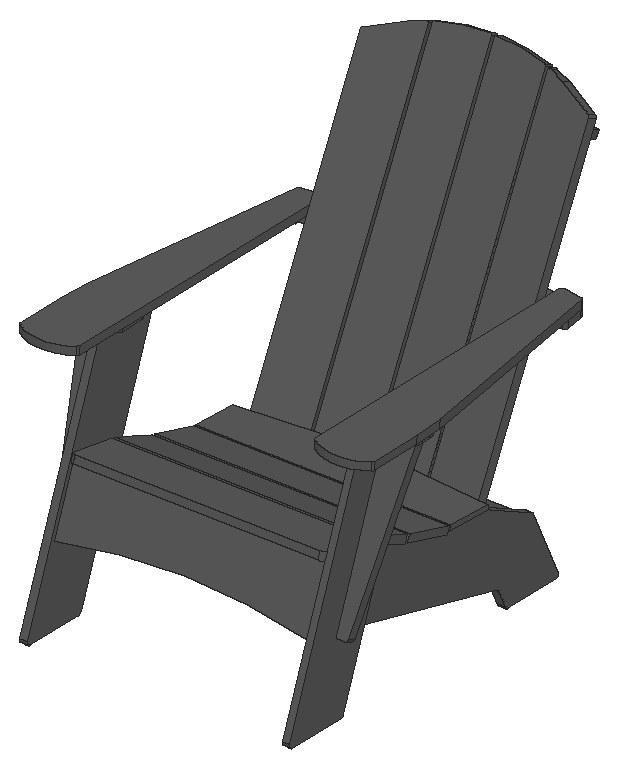
Revit family "Lollygagger Adirondack 4 Slat Curve", category Furniture, Revit 2016 (continued)
Lines and regions (in)
  symbolic lines, style "Furniture", detail levels medium+fine
    curve 32: spline (0, 9.88478, 17.33657) -> (0, 9.86945, 17.34332) -> (0, 9.8608, 17.36344) -> (0, 9.85896, 17.39659) -> (0, 9.86397, 17.4422) -> (0, 9.87574, 17.4995) -> (0, 9.89407, 17.5675) -> (0, 9.91865, 17.64504) -> (0, 9.94906, 17.73079) -> (0, 9.98477, 17.82329) -> (0, 10.02518, 17.92095) -> (0, 10.06959, 18.0221) -> (0, 10.11725, 18.12501)
    curve 33: line (0, 10.11725, 18.12501) -> (0, 10.45116, 18.82812)
    curve 34: line (0, 10.8973, 18.82812) -> (0, 10.5634, 18.12501)
    curve 35: spline (0, 10.5634, 18.12501) -> (0, 10.51331, 18.0221) -> (0, 10.46165, 17.92095) -> (0, 10.40931, 17.82329) -> (0, 10.35717, 17.73079) -> (0, 10.30613, 17.64504) -> (0, 10.25706, 17.5675) -> (0, 10.21081, 17.4995) -> (0, 10.16816, 17.4422) -> (0, 10.12984, 17.39659) -> (0, 10.09651, 17.36344) -> (0, 10.06875, 17.34332) -> (0, 10.04702, 17.33657)
    curve 36: line (0, 10.24848, 20.07812) -> (0, 15.36479, 30.56811)
    curve 37: spline (0, 15.24914, 27.16819) -> (0, 15.24766, 27.17843) -> (0, 15.2537, 27.20387) -> (0, 15.26716, 27.24409) -> (0, 15.28782, 27.29838) -> (0, 15.31532, 27.36583) -> (0, 15.34918, 27.44527) -> (0, 15.38883, 27.53535) -> (0, 15.43359, 27.63452) -> (0, 15.4827, 27.7411) -> (0, 15.53532, 27.85325) -> (0, 15.59053, 27.96906) -> (0, 15.64741, 28.08654)
    curve 38: line (0, 15.64741, 28.08654) -> (0, 15.89399, 28.59211)
    curve 39: spline (0, 15.51534, 27.72979) -> (0, 15.53312, 27.76581) -> (0, 15.55022, 27.79937) -> (0, 15.56546, 27.82819) -> (0, 15.57781, 27.8503) -> (0, 15.58643, 27.8642) -> (0, 15.59072, 27.86894) -> (0, 15.5904, 27.8642) -> (0, 15.58549, 27.8503) -> (0, 15.57632, 27.82819) -> (0, 15.56352, 27.79937) -> (0, 15.54796, 27.76581) -> (0, 15.5307, 27.72979)
    curve 40: spline (0, 15.51534, 27.72979) -> (0, 15.49808, 27.69377) -> (0, 15.48251, 27.66021) -> (0, 15.46971, 27.63139) -> (0, 15.46055, 27.60928) -> (0, 15.45564, 27.59538) -> (0, 15.45532, 27.59064) -> (0, 15.45961, 27.59538) -> (0, 15.46823, 27.60928) -> (0, 15.48058, 27.63139) -> (0, 15.49582, 27.66021) -> (0, 15.51292, 27.69377) -> (0, 15.5307, 27.72979)
    curve 41: spline (0, 15.09156, 27.77053) -> (0, 15.08733, 27.77526) -> (0, 15.08789, 27.78913) -> (0, 15.09319, 27.81121) -> (0, 15.10288, 27.83997) -> (0, 15.11629, 27.87347) -> (0, 15.13251, 27.90941) -> (0, 15.15043, 27.94536) -> (0, 15.16884, 27.97886) -> (0, 15.18647, 28.00762) -> (0, 15.20213, 28.02969) -> (0, 15.21475, 28.04357) -> (0, 15.22347, 28.0483)
    curve 42: spline (0, 15.22347, 28.0483) -> (0, 15.22769, 28.04357) -> (0, 15.22714, 28.02969) -> (0, 15.22183, 28.00762) -> (0, 15.21215, 27.97886) -> (0, 15.19874, 27.94536) -> (0, 15.18252, 27.90941) -> (0, 15.1646, 27.87347) -> (0, 15.14619, 27.83997) -> (0, 15.12856, 27.81121) -> (0, 15.1129, 27.78913) -> (0, 15.10028, 27.77526) -> (0, 15.09156, 27.77053)
    curve 43: spline (0, 15.45282, 28.18145) -> (0, 15.33489, 27.95101) -> (0, 15.21603, 27.74064) -> (0, 15.10436, 27.56467) -> (0, 15.00749, 27.43511) -> (0, 14.932, 27.36078) -> (0, 14.88306, 27.34674) -> (0, 14.86399, 27.39395) -> (0, 14.87609, 27.49919) -> (0, 14.91855, 27.6553) -> (0, 14.98846, 27.85163) -> (0, 15.08106, 28.07481) -> (0, 15.19004, 28.30962)
    curve 44: line (0, 15.19004, 28.30962) -> (0, 15.43662, 28.81519)
    curve 45: line (0, 15.69941, 28.68702) -> (0, 15.45282, 28.18145)
    curve 46: line (0, 4.14647, 7.56716) -> (0, 9.63881, 18.82812)
    curve 47: line (0, 3.59076, 7.8382) -> (0, 3.8276, 8.32379)
  symbolic lines, style "Furniture", detail levels fine
    curve 2: line (-4.79074, 4.05641, 0) -> (-4.79074, 17.1805, 0)
    curve 3: line (-4.58775, 4.05605, 0) -> (-4.58775, 17.1805, 0)
    curve 4: line (-0.12678, 4.26892, 0) -> (-0.12678, 17.36775, 0)
    curve 5: line (0.12678, 4.26892, 0) -> (0.12678, 17.36685, 0)
    curve 6: line (4.58775, 4.05605, 0) -> (4.58775, 17.1805, 0)
    curve 7: line (4.79074, 4.05435, 0) -> (4.79074, 17.1805, 0)
    curve 8: line (0.32366, -0.4646, 0) -> (-0.32366, -0.4646, 0)
    curve 9: line (0.32366, -0.67857, 0) -> (-0.32366, -0.67857, 0)
    curve 10: line (0.32366, -4.77326, 0) -> (-0.32366, -4.77326, 0)
    curve 11: line (0.32366, -4.86034, 0) -> (-0.32366, -4.86034, 0)
    curve 12: line (0.32366, -8.88668, 0) -> (-0.32366, -8.88668, 0)
    curve 13: line (0.32366, -9.0007, 0) -> (-0.32366, -9.0007, 0)
    curve 14: line (-10.26116, -14.73754, 0) -> (-10.26116, -13.68383, 0)
    curve 15: line (10.26116, -14.73754, 0) -> (10.26116, -13.73754, 0)
  symbolic lines
    curve 16: line (9.27193, 0, 19.45312) -> (13.7073, 0, 19.45312)
    curve 17: line (-9.50334, 0, 19.45313) -> (-13.7073, 0, 19.45313)
    curve 18: line (10.23884, 0, 12.04562) -> (10.23884, 0, 0)
    curve 19: line (-10.26116, 0, 12.04562) -> (-10.26116, 0, 0)
  symbolic lines, detail levels medium+fine
    curve 48: line (0, 14.88825, 30.96805) -> (0, 15.44396, 30.69701)
    curve 49: spline (0, 16.3971, 31.69611) -> (0, 16.42833, 31.72397) -> (0, 16.45937, 31.75136) -> (0, 16.4902, 31.77829) -> (0, 16.52084, 31.80475) -> (0, 16.55128, 31.83074) -> (0, 16.58151, 31.85626) -> (0, 16.61154, 31.88132) -> (0, 16.64138, 31.9059) -> (0, 16.671, 31.93002) -> (0, 16.70043, 31.95366) -> (0, 16.72965, 31.97683) -> (0, 16.75867, 31.99953)
    curve 50: spline (0, 15.44396, 30.69701) -> (0, 15.52914, 30.79455) -> (0, 15.61332, 30.88954) -> (0, 15.69648, 30.98195) -> (0, 15.7786, 31.07179) -> (0, 15.85969, 31.15903) -> (0, 15.93971, 31.24366) -> (0, 16.01867, 31.32568) -> (0, 16.09655, 31.40507) -> (0, 16.17335, 31.48181) -> (0, 16.24905, 31.55591) -> (0, 16.32363, 31.62734) -> (0, 16.3971, 31.69611)
    curve 51: spline (0, 16.79987, 31.99668) -> (0, 16.80595, 32.00906) -> (0, 16.81202, 32.02126) -> (0, 16.81799, 32.03313) -> (0, 16.82381, 32.04453) -> (0, 16.8294, 32.05531) -> (0, 16.83468, 32.06535) -> (0, 16.83961, 32.07452) -> (0, 16.8441, 32.0827) -> (0, 16.84812, 32.08981) -> (0, 16.85162, 32.09575) -> (0, 16.85454, 32.10045) -> (0, 16.85685, 32.10385)
    curve 52: spline (0, 16.85685, 32.10385) -> (0, 16.90684, 32.17118) -> (0, 16.95397, 32.23252) -> (0, 16.99824, 32.28783) -> (0, 17.03962, 32.3371) -> (0, 17.07811, 32.3803) -> (0, 17.11367, 32.41743) -> (0, 17.14631, 32.44847) -> (0, 17.17602, 32.47341) -> (0, 17.20277, 32.49224) -> (0, 17.22656, 32.50494) -> (0, 17.24738, 32.51153) -> (0, 17.26523, 32.51199)
    curve 53: line (0, 16.20295, 32.27057) -> (0, 16.75867, 31.99953)
    curve 54: spline (0, 15.36479, 30.56811) -> (0, 15.37188, 30.5824) -> (0, 15.37911, 30.59645) -> (0, 15.38641, 30.61012) -> (0, 15.39371, 30.6233) -> (0, 15.40094, 30.63584) -> (0, 15.40802, 30.64764) -> (0, 15.4149, 30.65858) -> (0, 15.4215, 30.66855) -> (0, 15.42777, 30.67745) -> (0, 15.43364, 30.68522) -> (0, 15.43905, 30.69175) -> (0, 15.44396, 30.69701)
    curve 55: line (-9.5, -13.07994, 0) -> (-9.5, 11.37471, 0)
    curve 56: line (9.5, 11.37471, 0) -> (9.5, -13.07994, 0)
    curve 57: arc (-9.5, 11.37471, 0) -> (-9.5882, 11.56529, 0) -> (-9.79056, 11.6214, 0) r 0.25
    curve 58: arc (9.79056, 11.6214, 0) -> (9.5882, 11.56529, 0) -> (9.5, 11.37471, 0) r 0.25
    curve 59: arc (-9.59821, -13.27859, 0) -> (-9.52589, -13.19074, 0) -> (-9.5, -13.07994, 0) r 0.25
    curve 60: arc (-10.88616, -13.91614, 0) -> (-10.21136, -13.65964, 0) -> (-9.59821, -13.27859, 0) r 3.75
    curve 61: arc (9.59821, -13.27859, 0) -> (9.52589, -13.19074, 0) -> (9.5, -13.07994, 0) r 0.25
    curve 62: arc (10.88616, -13.91614, 0) -> (10.21136, -13.65964, 0) -> (9.59821, -13.27859, 0) r 3.75
Dimensions and locks (in)
  "Length": plane 5 to plane 4
  "Width": plane 6 to plane 7
  equal spacing: plane 5, plane 3 "Center Left/Right", plane 4
  locked: plane 8 to plane 4 at 3.38616
  locked: plane 5 to plane 9 at 3.36384
  "Height Arm": plane 10 to level
  "Thick": plane 10 to plane 11
  "Thick": plane 9 to plane 12
  "Thick": plane 13 to plane 8
  locked: plane 14 to plane 7 at 3.32925
  "Thick": Extrusion 4 to plane 13
  "Thick": plane 11 to plane 15
  locked: Extrusion 14 sketch curve to plane 13 at 0.28275
  "Thick": plane 12 to Extrusion 3
  locked: Extrusion 29 to Extrusion 3 at 0.625
  locked: Extrusion 28 to Extrusion 4 at 0.625
  aligned and locked: level to plane 2
  aligned and locked: Extrusion 1 sketch curve to plane 11  (x2)
  aligned and locked: level to Extrusion 1 sketch curve
  aligned and locked: Extrusion 2 to plane 8
  aligned and locked: plane 13 to Extrusion 2
  aligned and locked: Extrusion 4 to plane 13
  aligned and locked: plane 12 to Extrusion 5
  aligned and locked: plane 13 to Extrusion 5 sketch curve
  aligned and locked: plane 12 to Extrusion 6
  aligned and locked: plane 12 to Extrusion 7
  aligned and locked: plane 8 to Extrusion 9
  aligned and locked: Extrusion 10 sketch curve to plane 9
  aligned and locked: Extrusion 12 to Extrusion 3
  aligned and locked: Extrusion 25 to Extrusion 11
  aligned and locked: Extrusion 26 to Extrusion 3
  aligned and locked: Extrusion 27 to Extrusion 4
  aligned and locked: Extrusion 28 to Extrusion 4
  aligned and locked: Extrusion 29 to Extrusion 3
  aligned and locked: Extrusion 29 to Extrusion 12
  aligned and locked: Extrusion 30 to Extrusion 12
  aligned and locked: Extrusion 30 sketch curve to Extrusion 11
  aligned and locked: Extrusion 31 to Extrusion 8
  aligned and locked: Extrusion 31 to Extrusion 3
  aligned and locked: Extrusion 32 to Extrusion 4  (x2)
  aligned and locked: Extrusion 32 to Extrusion 8
  aligned and locked: Extrusion 33 to Extrusion 7  (x2)
  aligned and locked: Extrusion 33 to Extrusion 4
  aligned and locked: Extrusion 34 to Extrusion 3
  aligned and locked: Extrusion 34 to Extrusion 7
  aligned and locked: Extrusion 36 to Extrusion 6
  aligned and locked: Extrusion 36 to Extrusion 3
  aligned and locked: Extrusion 37 to Extrusion 5
  aligned and locked: Extrusion 37 to Extrusion 3
  aligned and locked: Extrusion 38 to Extrusion 5
  aligned and locked: Extrusion 35 to Extrusion 6
  aligned and locked: Extrusion 38 to Extrusion 4
  aligned and locked: Masking region 1 sketch curve to plane 10
  aligned and locked: Masking region 1 sketch curve to plane 5
  aligned and locked: Masking region 1 sketch curve to plane 11
  aligned and locked: Masking region 1 sketch curve to Extrusion 13
  aligned and locked: Masking region 1 sketch curve to plane 15
  aligned and locked: Masking region 1 sketch curve to Extrusion 10  (x2)
  aligned and locked: Masking region 1 sketch curve to plane 9
  aligned and locked: Masking region 1 sketch curve to plane 2
  aligned and locked: Masking region 1 sketch curve to Extrusion 3
  aligned and locked: Extrusion 12 to Masking region 1 sketch curve
  aligned and locked: Masking region 1 sketch curve to Extrusion 11
  aligned and locked: Masking region 1 to plane 8
  aligned and locked: Extrusion 14 to plane 15
  aligned and locked: Extrusion 13 to plane 15
  aligned and locked: Extrusion 24 to Masking region 1 sketch curve
  aligned and locked: Masking region 1 sketch curve to Extrusion 24  (x2)
  aligned and locked: plane 11 to Extrusion 24
  aligned and locked: Masking region 1 sketch curve to plane 13
  aligned and locked: curve 18 to Extrusion 4
  aligned and locked: Masking region 2 to plane 14
  aligned and locked: plane 10 to Masking region 2
  aligned and locked: Masking region 2 sketch curve to Extrusion 23  (x4)
  aligned and locked: plane 15 to Masking region 2 sketch curve
  aligned and locked: Masking region 2 sketch curve to Extrusion 16
  aligned and locked: Masking region 2 sketch curve to Extrusion 15
  aligned and locked: plane 2 to Masking region 2 sketch curve
  aligned and locked: Masking region 2 sketch curve to Extrusion 3
  aligned and locked: plane 2 to Masking region 3 sketch curve
  aligned and locked: plane 15 to curve 22
  aligned and locked: Masking region 3 sketch curve to Extrusion 24  (x3)
  aligned and locked: Extrusion 24 to Masking region 3 sketch curve
  aligned and locked: Extrusion 24 to plane 15
  aligned and locked: Extrusion 23 to Masking region 3 sketch curve
  aligned and locked: Masking region 3 sketch curve to Extrusion 20
  aligned and locked: Extrusion 19 to Masking region 2
  aligned and locked: plane 10 to Masking region 4 sketch curve
  aligned and locked: Masking region 4 sketch curve to Masking region 2
  aligned and locked: Extrusion 23 to Masking region 4 sketch curve
  aligned and locked: Extrusion 3 to Masking region 4 sketch curve  (x3)
  aligned and locked: Extrusion 5 to Masking region 4 sketch curve
  aligned and locked: Masking region 4 sketch curve to Extrusion 5
  aligned and locked: Masking region 4 sketch curve to Extrusion 3
  aligned and locked: Extrusion 1 to Masking region 4 sketch curve
  aligned and locked: Masking region 4 sketch curve to Extrusion 6  (x2)
  aligned and locked: Extrusion 6 to Masking region 4 sketch curve
  aligned and locked: plane 9 to Extrusion 1
  aligned and locked: Extrusion 1 to plane 12
  aligned and locked: plane 11 to Extrusion 14
  aligned and locked: plane 12 to Extrusion 3
  aligned and locked: Masking region 1 to Extrusion 29
  aligned and locked: plane 12 to curve 19
  aligned and locked: plane 10 to Extrusion 39
  aligned and locked: Extrusion 39 to plane 11
  aligned and locked: plane 12 to Extrusion 41
  aligned and locked: Extrusion 41 to plane 13
  aligned and locked: plane 10 to Extrusion 40
  aligned and locked: Extrusion 40 to plane 11
  aligned and locked: Masking region 5 to plane 12
  aligned and locked: plane 9 to Masking region 5
  aligned and locked: Masking region 5 to plane 7  (x2)
  aligned and locked: plane 13 to Masking region 5
  aligned and locked: Masking region 5 to plane 8
  aligned and locked: Extrusion 40 to plane 4
  aligned and locked: plane 5 to Extrusion 39
Automatic sketch dimensions
  Extrusion 1 sketch curve to Extrusion 1 sketch curve = 1/4"
  Extrusion 11 sketch curve to Extrusion 11 sketch curve = 0.96326"
  Extrusion 15 sketch curve to Extrusion 15 sketch curve = 0.37401"
  Extrusion 15 sketch curve to Extrusion 15 sketch curve = 0.49944"
  Extrusion 16 sketch curve to Extrusion 16 sketch curve = 1/4"  (x2)
  Extrusion 16 sketch curve to Extrusion 16 sketch curve = 0.49834"
  Extrusion 17 sketch curve to Extrusion 17 sketch curve = 0.50099"
  Extrusion 17 sketch curve to Extrusion 17 sketch curve = 7/8"
  Extrusion 17 sketch curve to Extrusion 17 sketch curve = 0.37401"
  Extrusion 17 sketch curve to Extrusion 17 sketch curve = 1 3/8"  (x2)
  Extrusion 17 sketch curve to Extrusion 17 sketch curve = 1/4"
  Extrusion 17 sketch curve to Extrusion 17 sketch curve = 0.50056"
  Extrusion 17 sketch curve to Extrusion 17 sketch curve = 0.49944"
  Extrusion 18 sketch curve to Extrusion 18 sketch curve = 1/4"
  Extrusion 18 sketch curve to Extrusion 18 sketch curve = 7/8"  (x2)
  Extrusion 18 sketch curve to Extrusion 18 sketch curve = 0.49834"
  Extrusion 18 sketch curve to Extrusion 18 sketch curve = 0.50166"
  Extrusion 18 sketch curve to Extrusion 18 sketch curve = 5/8"
  Extrusion 18 sketch curve to Extrusion 18 sketch curve = 1 3/8"
  Extrusion 18 sketch curve to Extrusion 18 sketch curve = 0.3724"
  Extrusion 20 sketch curve to Extrusion 20 sketch curve = 0.01224"  (x2)
  Extrusion 20 sketch curve to Extrusion 20 sketch curve = 0.99086"
  Extrusion 20 sketch curve to Extrusion 20 sketch curve = 0.00891"
  Extrusion 20 sketch curve to Extrusion 20 sketch curve = 0.35331"
  Extrusion 20 sketch curve to Extrusion 20 sketch curve = 0.37507"
  Extrusion 21 sketch curve to Extrusion 21 sketch curve = 0.3019"
  Extrusion 21 sketch curve to Extrusion 21 sketch curve = 0.37302"
  Extrusion 21 sketch curve to Extrusion 21 sketch curve = 0.07112"
  Extrusion 21 sketch curve to Extrusion 21 sketch curve = 0.54611"  (x2)
  Extrusion 21 sketch curve to Extrusion 21 sketch curve = 0.03894"
  Extrusion 21 sketch curve to Extrusion 21 sketch curve = 0.02649"
  Extrusion 22 sketch curve to Extrusion 22 sketch curve = 0.01224"  (x2)
  Extrusion 22 sketch curve to Extrusion 22 sketch curve = 0.99086"
  Extrusion 22 sketch curve to Extrusion 22 sketch curve = 0.00891"
  Extrusion 22 sketch curve to Extrusion 22 sketch curve = 0.99976"
  Extrusion 22 sketch curve to Extrusion 22 sketch curve = 0.04352"
  Extrusion 22 sketch curve to Extrusion 22 sketch curve = 0.37507"
  level to Extrusion 28 sketch curve = 5.06694"
  Extrusion 28 sketch curve to Extrusion 28 sketch curve = 0.10082"
  Extrusion 28 sketch curve to Extrusion 28 sketch curve = 0.33755"
  Extrusion 28 sketch curve to Extrusion 28 sketch curve = 0.50557"  (x2)
  Extrusion 28 sketch curve to Extrusion 28 sketch curve = 0.43837"
  Extrusion 28 sketch curve to plane 1 "Center Front/Back" = 6.34701"
  Extrusion 28 sketch curve to Extrusion 28 sketch curve = 0.24658"
  Extrusion 28 sketch curve to Extrusion 28 sketch curve = 0.16312"
  level to Extrusion 29 sketch curve = 5.06694"
  Extrusion 29 sketch curve to Extrusion 29 sketch curve = 0.10082"
  Extrusion 29 sketch curve to Extrusion 29 sketch curve = 0.33755"
  Extrusion 29 sketch curve to Extrusion 29 sketch curve = 0.50557"  (x2)
  Extrusion 29 sketch curve to Extrusion 29 sketch curve = 0.43837"
  Extrusion 29 sketch curve to plane 1 "Center Front/Back" = 4.30284"
  Extrusion 29 sketch curve to Extrusion 29 sketch curve = 0.24658"
  Extrusion 29 sketch curve to Extrusion 29 sketch curve = 0.16312"
  plane 1 "Center Front/Back" to Extrusion 1 sketch curve = 4.66394"
  Extrusion 1 sketch curve to Extrusion 1 sketch curve = 0.08959"  (x2)
  Extrusion 1 sketch curve to Extrusion 1 sketch curve = 1.1376"
  Extrusion 1 sketch curve to Extrusion 1 sketch curve = 0.15661"
  Extrusion 1 sketch curve to Extrusion 1 sketch curve = 0.24273"  (x2)
  Extrusion 1 sketch curve to Extrusion 1 sketch curve = 0.04659"  (x2)
  Extrusion 1 sketch curve to Extrusion 1 sketch curve = 1.73179"
  Extrusion 1 sketch curve to Extrusion 1 sketch curve = 4 1/2"
  Extrusion 1 sketch curve to Extrusion 1 sketch curve = 1.48853"
  level to Extrusion 11 sketch curve = 5.60461"
  Extrusion 11 sketch curve to plane 1 "Center Front/Back" = 6.71036"
  Extrusion 11 sketch curve to Extrusion 11 sketch curve = 0.08683"
  Extrusion 11 sketch curve to Extrusion 11 sketch curve = 0.03357"  (x2)
  Extrusion 11 sketch curve to Extrusion 11 sketch curve = 0.19822"
  Extrusion 11 sketch curve to Extrusion 11 sketch curve = 2.85319"
  Extrusion 11 sketch curve to Extrusion 11 sketch curve = 3.65859"
  Extrusion 11 sketch curve to Extrusion 11 sketch curve = 4.43897"
  Extrusion 11 sketch curve to Extrusion 11 sketch curve = 4.27119"
  Extrusion 11 sketch curve to Extrusion 11 sketch curve = 3.21802"
  Extrusion 11 sketch curve to Extrusion 11 sketch curve = 0.00242"
  Extrusion 11 sketch curve to Extrusion 11 sketch curve = 0.06916"
  Extrusion 11 sketch curve to Extrusion 11 sketch curve = 0.55902"
  Extrusion 11 sketch curve to Extrusion 11 sketch curve = 0.0459"
  Extrusion 11 sketch curve to Extrusion 11 sketch curve = 0.03788"
  Extrusion 11 sketch curve to Extrusion 11 sketch curve = 0.44233"
  Extrusion 11 sketch curve to Extrusion 11 sketch curve = 0.71091"
  Extrusion 11 sketch curve to Extrusion 11 sketch curve = 1/4"
  Extrusion 11 sketch curve to Extrusion 11 sketch curve = 0.00708"
  Extrusion 11 sketch curve to Extrusion 11 sketch curve = 1.2388"
  Extrusion 11 sketch curve to Extrusion 11 sketch curve = 0.41385"
  Extrusion 11 sketch curve to Extrusion 11 sketch curve = 1.6915"
  Extrusion 11 sketch curve to Extrusion 11 sketch curve = 0.00906"
  Extrusion 11 sketch curve to Extrusion 11 sketch curve = 0.03118"
  Extrusion 15 sketch curve to Extrusion 15 sketch curve = 0.50099"
  Extrusion 15 sketch curve to Extrusion 15 sketch curve = 7/8"
  Extrusion 15 sketch curve to Extrusion 15 sketch curve = 1 3/8"  (x2)
  Extrusion 15 sketch curve to Extrusion 15 sketch curve = 1/4"
  Extrusion 15 sketch curve to Extrusion 15 sketch curve = 0.50056"
  Extrusion 16 sketch curve to Extrusion 16 sketch curve = 7/8"
  Extrusion 16 sketch curve to Extrusion 16 sketch curve = 0.50166"
  Extrusion 16 sketch curve to Extrusion 16 sketch curve = 5/8"
  Extrusion 16 sketch curve to Extrusion 16 sketch curve = 0.3724"
  Extrusion 16 sketch curve to Extrusion 16 sketch curve = 1 3/8"
  Extrusion 20 sketch curve to Extrusion 20 sketch curve = 0.99976"
  Extrusion 42 sketch curve to Extrusion 42 sketch curve = 0.52528"
  Extrusion 42 sketch curve to Extrusion 42 sketch curve = 6.89183"
  Extrusion 42 sketch curve to Extrusion 42 sketch curve = 0.11544"
  Extrusion 42 sketch curve to Extrusion 42 sketch curve = 4.15886"
  Extrusion 42 sketch curve to Extrusion 42 sketch curve = 4 7/16"
  Extrusion 42 sketch curve to Extrusion 42 sketch curve = 4.62809"
  Extrusion 42 sketch curve to Extrusion 42 sketch curve = 2.41726"
  Extrusion 42 sketch curve to Extrusion 42 sketch curve = 19.37368"
  Extrusion 42 sketch curve to Extrusion 42 sketch curve = 1.79109"
  Extrusion 42 sketch curve to Extrusion 42 sketch curve = 0.04454"
  Extrusion 42 sketch curve to Extrusion 42 sketch curve = 1.31311"
  Extrusion 43 sketch curve to Extrusion 43 sketch curve = 0.52528"
  Extrusion 43 sketch curve to Extrusion 43 sketch curve = 6.89183"
  Extrusion 43 sketch curve to Extrusion 43 sketch curve = 0.11544"
  Extrusion 43 sketch curve to Extrusion 43 sketch curve = 4.15886"
  Extrusion 43 sketch curve to Extrusion 43 sketch curve = 4 7/16"
  Extrusion 43 sketch curve to Extrusion 43 sketch curve = 1.79109"
  Extrusion 43 sketch curve to Extrusion 43 sketch curve = 21.16477"
  Extrusion 43 sketch curve to Extrusion 43 sketch curve = 2.41726"
  Extrusion 43 sketch curve to Extrusion 43 sketch curve = 4.62809"
  Extrusion 43 sketch curve to Extrusion 43 sketch curve = 0.04454"
  Extrusion 43 sketch curve to Extrusion 43 sketch curve = 1.31311"
  Extrusion 44 sketch curve to Extrusion 44 sketch curve = 10 1/2"
  Extrusion 44 sketch curve to Extrusion 44 sketch curve = 17.83113"
  Extrusion 44 sketch curve to Extrusion 44 sketch curve = 0.54217"
  Extrusion 44 sketch curve to Extrusion 44 sketch curve = 1/8"  (x2)
  Extrusion 44 sketch curve to Extrusion 44 sketch curve = 4 3/16"
  Extrusion 44 sketch curve to Extrusion 44 sketch curve = 4 7/16"
  Extrusion 44 sketch curve to Extrusion 44 sketch curve = 0"
  Extrusion 45 sketch curve to Extrusion 45 sketch curve = 10 1/2"
  Extrusion 45 sketch curve to Extrusion 45 sketch curve = 17.83113"
  Extrusion 45 sketch curve to Extrusion 45 sketch curve = 0.54217"
  Extrusion 45 sketch curve to Extrusion 45 sketch curve = 1/8"  (x2)
  Extrusion 45 sketch curve to Extrusion 45 sketch curve = 4 3/16"
  Extrusion 45 sketch curve to Extrusion 45 sketch curve = 4 7/16"
  Extrusion 45 sketch curve to Extrusion 45 sketch curve = 0"
  curve 60 to plane 9 = 0"
  curve 14 to plane 12 = 0"
  plane 9 to curve 60 = 0.98884"
  curve 59 to plane 12 = 0.51116"
  curve 57 to plane 12 = 0.51116"
  curve 57 to curve 55 = 1/4"
  plane 13 to curve 56 = 0.73884"
  curve 61 to curve 61 = 1/4"
  curve 58 to curve 58 = 1/4"
  curve 62 to plane 8 = 1.01116"
  plane 14 to curve 56 = 0.96893"
  plane 14 to curve 55 = 0.96893"
  curve 59 to curve 60 = 2.78107"
  curve 61 to curve 62 = 2.78107"
  curve 58 to plane 6 = 5.99717"
  curve 57 to plane 6 = 5.99717"
  curve 57 to curve 57 = 0.04056"
  curve 60 to curve 59 = 0"
  curve 1 to curve 2 = 4.70926"
  curve 2 to curve 3 = 0.20299"
  curve 9 to plane 3 "Center Left/Right" = 0.32366"
  curve 11 to plane 3 "Center Left/Right" = 0.32366"
  curve 8 to curve 9 = 0"
  curve 10 to curve 11 = 0"  (x2)
  curve 13 to plane 3 "Center Left/Right" = 0.32366"
  curve 12 to curve 13 = 0"
  curve 4 to plane 3 "Center Left/Right" = 0.12678"
  curve 1 to plane 3 "Center Left/Right" = 0.01116"
  curve 5 to plane 6 = 0.00503"
  plane 3 "Center Left/Right" to curve 5 = 0.12678"
  plane 3 "Center Left/Right" to curve 11 = 0.32366"
  plane 3 "Center Left/Right" to curve 12 = 0.32366"
  plane 3 "Center Left/Right" to curve 8 = 0.32366"
  curve 9 to curve 8 = 0"
  curve 13 to curve 12 = 0"
  curve 6 to plane 6 = 0.19138"
  curve 5 to curve 6 = 4.46097"
  curve 6 to curve 7 = 0.20299"
  curve 62 to curve 61 = 0"
  curve 58 to curve 58 = 0.04056"
  curve 15 to plane 13 = 0.02231"
  curve 62 to plane 8 = 0.02231"
  curve 1 to plane 4 = 37.80847"
  plane 14 to curve 15 = 0.31132"
  curve 14 to plane 14 = 0.68868"
  curve 15 to plane 14 = 0.68868"
  curve 1 to plane 7 = 30.32581"
  plane 14 to curve 13 = 5.04816"
  curve 13 to curve 12 = 0.11403"
  curve 12 to curve 11 = 4.02633"
  curve 11 to curve 10 = 0.08708"
  plane 1 "Center Front/Back" to curve 9 = 0.67857"
  curve 9 to curve 8 = 0.21397"
  curve 1 to plane 1 "Center Front/Back" = 3.40133"
  curve 3 to curve 2 = 0.00036"
  curve 7 to curve 6 = 0.0017"
  curve 5 to plane 1 "Center Front/Back" = 4.26892"
  curve 4 to curve 5 = 0"
  curve 2 to plane 6 = 0.19138"
  curve 7 to plane 6 = 0.19138"
  curve 3 to plane 6 = 0.19138"
  curve 4 to plane 6 = 0.00413"
  curve 17 to plane 11 = 0"
  curve 16 to plane 11 = 0"
  curve 18 to level = 0"
  curve 19 to level = 0"
  curve 17 to plane 5 = 0.5427"
  curve 17 to plane 12 = 97/128"
  plane 13 to curve 16 = 0.96691"
  plane 4 to curve 16 = 0.5427"
  curve 18 to plane 15 = 6.78251"
  curve 19 to plane 15 = 6.78251"
  curve 25 to plane 11 = 0"
  curve 24 to plane 11 = 0"
  curve 46 to plane 15 = 0"
  curve 36 to plane 10 = 0"
  curve 33 to plane 15 = 0"
  curve 34 to plane 15 = 0"
  curve 29 to plane 15 = 0"
  plane 14 to curve 20 = 1.23372"
  curve 20 to curve 21 = 0.58349"
  plane 14 to curve 25 = 5.56114"
  curve 22 to curve 24 = 2 1/2"
  curve 33 to plane 15 = 45/64"
  curve 33 to plane 6 = 7.25463"
  curve 34 to plane 15 = 45/64"
  curve 32 to curve 34 = 0.44615"
  curve 29 to plane 15 = 0.70559"
  curve 34 to curve 29 = 0.20523"
  curve 44 to plane 6 = 2.18184"
  curve 36 to plane 6 = 2.0071"
  curve 54 to curve 48 = 0.07917"
  curve 44 to curve 45 = 0.26278"  (x2)
  curve 43 to curve 38 = 0.19458"
  curve 53 to plane 6 = 0.61322"
  level to curve 23 = 6.06279"
  curve 21 to curve 20 = 0.22398"
  plane 10 to curve 38 = 8.00842"
  curve 38 to curve 45 = 0.09491"  (x2)
  curve 43 to curve 36 = 2.2585"
  curve 54 to curve 48 = 33/256"
  curve 50 to curve 53 = 1.30252"
  plane 1 "Center Front/Back" to curve 49 = 3.53388"
  plane 1 "Center Front/Back" to curve 50 = 1.46922"
  curve 47 to plane 1 "Center Front/Back" = 3.59076"
  curve 47 to curve 47 = 0.23684"
  curve 47 to curve 46 = 0.55571"
  curve 47 to curve 49 = 3.47325"
  curve 49 to curve 50 = 0.99064"
  curve 52 to curve 33 = 0.95104"
  curve 46 to curve 33 = 0.47844"
  curve 32 to curve 33 = 0.23247"
  curve 32 to curve 35 = 0.16224"  (x2)
  curve 35 to curve 30 = 0.06899"
  curve 30 to curve 31 = 0.06418"
  curve 30 to curve 31 = 0"
  curve 30 to curve 30 = 0.06418"
  curve 30 to curve 30 = 0.00157"
  curve 31 to curve 30 = 0"
  curve 46 to curve 36 = 0.60967"
  curve 32 to curve 32 = 0.14196"
  curve 35 to curve 35 = 0.14196"
  curve 35 to curve 28 = 0.38233"
  curve 35 to curve 33 = 0.02971"
  plane 15 to curve 32 = 0.08333"
  curve 33 to curve 32 = 0.19163"
  curve 26 to curve 29 = 0.10215"
  curve 26 to curve 26 = 0.00743"  (x2)
  curve 27 to curve 26 = 0"
  curve 26 to curve 27 = 0.05821"
  curve 26 to curve 27 = 0"  (x2)
  plane 15 to curve 35 = 0.08333"
  curve 29 to curve 28 = 0.04343"
  curve 35 to curve 34 = 0.09229"
  curve 34 to curve 29 = 0.21462"
  plane 15 to curve 28 = 0.08086"
  curve 29 to curve 28 = 0.08372"
  curve 48 to curve 48 = 0.55571"
  curve 42 to curve 43 = 0.22988"
  curve 41 to curve 42 = 0.06596"
  curve 41 to curve 42 = 0"  (x2)
  curve 41 to curve 41 = 0.06596"
  curve 41 to curve 42 = 0.00161"
  curve 41 to curve 37 = 0.15759"
  curve 54 to curve 54 = 0.0501"
  curve 43 to curve 44 = 0.24658"
  curve 39 to curve 38 = 0.13207"
  curve 39 to curve 40 = 0.00768"
  curve 39 to curve 40 = 0"
  curve 39 to curve 39 = 0.00768"
  curve 39 to curve 39 = 0.06017"
  curve 40 to curve 39 = 0"
  curve 37 to curve 37 = 0.04011"
  curve 43 to curve 37 = 0.36608"
  curve 45 to curve 38 = 0.19458"
  curve 53 to curve 53 = 0.55571"
  curve 50 to curve 53 = 0.36156"
  curve 49 to curve 51 = 0.04121"
  curve 51 to curve 51 = 0.00501"
  curve 51 to curve 52 = 0.05196"
  curve 51 to curve 51 = 0.00283"
  curve 52 to plane 6 = 0.10665"
  curve 52 to curve 52 = 0.01085"
  curve 31 to curve 32 = 0.20186"
  curve 31 to curve 30 = 0.00034"
  curve 27 to curve 29 = 0.2002"
  curve 52 to curve 32 = 1.45566"
  curve 50 to curve 52 = 3.41812"
  curve 47 to curve 49 = 1.93273"
  curve 47 to curve 47 = 0.48559"
  curve 46 to curve 47 = 0.27104"
  curve 39 to curve 37 = 0.33719"
  curve 39 to curve 39 = 0"
  curve 39 to curve 41 = 0.04074"
  curve 41 to curve 42 = 0.13889"
  curve 38 to curve 37 = 0.37366"
  curve 45 to curve 44 = 0.12817"
  curve 48 to curve 48 = 0.27104"
  curve 51 to curve 49 = 0.0053"
  curve 50 to curve 53 = 0.57446"
  Masking region 2 sketch curve to plane 11 = 0"
  Masking region 2 sketch curve to plane 10 = 0"
  Masking region 2 sketch curve to plane 14 = 0"
  Masking region 2 sketch curve to plane 6 = 5.74717"
  Masking region 2 sketch curve to Masking region 2 sketch curve = 0.37629"
  Masking region 2 sketch curve to plane 15 = 0.70559"
  Masking region 2 sketch curve to Masking region 2 sketch curve = 0.34329"
  Masking region 2 sketch curve to Masking region 2 sketch curve = 0.42615"
  Masking region 2 sketch curve to Masking region 2 sketch curve = 0.04964"
  level to Masking region 2 sketch curve = 0.35565"
  Masking region 2 sketch curve to Masking region 2 sketch curve = 2.71355"
  Masking region 2 sketch curve to plane 15 = 1.37061"
  Masking region 2 sketch curve to Masking region 2 sketch curve = 0.24934"
  level to Masking region 2 sketch curve = 1/4"
  Masking region 2 sketch curve to Masking region 2 sketch curve = 0.13299"
  Masking region 2 sketch curve to Masking region 2 sketch curve = 0.16224"
  Masking region 2 sketch curve to Masking region 2 sketch curve = 1.1384"
  Masking region 2 sketch curve to plane 15 = 0.43207"
  Masking region 2 sketch curve to Masking region 2 sketch curve = 0.20519"
  Masking region 2 sketch curve to plane 15 = 1.22052"
  Masking region 2 sketch curve to Masking region 2 sketch curve = 0.55571"
  level to Masking region 2 sketch curve = 5.68898"
  level to Masking region 2 sketch curve = 5.80802"
  Masking region 2 sketch curve to Masking region 2 sketch curve = 4.80404"
  level to Masking region 2 sketch curve = 0.14435"
  Masking region 2 sketch curve to Masking region 2 sketch curve = 29/128"  (x2)
  level to Masking region 2 sketch curve = 1.63479"
  Masking region 2 sketch curve to Masking region 2 sketch curve = 0.69501"
  level to Masking region 2 sketch curve = 1.76975"
  Masking region 2 sketch curve to Masking region 2 sketch curve = 0.15873"
  Masking region 2 sketch curve to plane 1 "Center Front/Back" = 3.49289"
  Masking region 2 sketch curve to Masking region 2 sketch curve = 0.09491"
  Masking region 2 sketch curve to Masking region 2 sketch curve = 0.01468"
  plane 1 "Center Front/Back" to Masking region 2 sketch curve = 0.62968"
  Masking region 2 sketch curve to Masking region 2 sketch curve = 4.23422"
  Masking region 2 sketch curve to Masking region 2 sketch curve = 3.20189"
  plane 14 to Masking region 2 sketch curve = 3.99601"
  plane 14 to Masking region 2 sketch curve = 1.18985"
  Masking region 2 sketch curve to Masking region 2 sketch curve = 0.22828"
  Masking region 2 sketch curve to Masking region 2 sketch curve = 0.25523"
  Masking region 2 sketch curve to Masking region 2 sketch curve = 0.13403"
  level to Masking region 2 sketch curve = 5.41453"
  Masking region 2 sketch curve to Masking region 2 sketch curve = 2.07791"
  Masking region 2 sketch curve to Masking region 2 sketch curve = 0.2247"
  Masking region 2 sketch curve to Masking region 2 sketch curve = 0.23691"
  Masking region 2 sketch curve to Masking region 2 sketch curve = 1.19388"
  Masking region 2 sketch curve to Masking region 2 sketch curve = 1.2494"
  Masking region 2 sketch curve to Masking region 2 sketch curve = 0.8707"
  Masking region 2 sketch curve to Masking region 2 sketch curve = 0.02331"
  Masking region 2 sketch curve to Masking region 2 sketch curve = 0.00315"
  Masking region 2 sketch curve to Masking region 2 sketch curve = 0.04343"
  plane 15 to Masking region 2 sketch curve = 0.08333"
  Masking region 2 sketch curve to Masking region 2 sketch curve = 0.44026"
  Masking region 2 sketch curve to plane 11 = 0.27063"
  Masking region 2 sketch curve to Masking region 2 sketch curve = 0.32034"
  Extrusion 2 sketch curve to plane 11 = 0"  (x3)
  Extrusion 2 sketch curve to level = 0"  (x2)
  plane 1 "Center Front/Back" to Extrusion 2 sketch curve = 4.66249"
  Extrusion 2 sketch curve to Extrusion 2 sketch curve = 0.16041"
  Extrusion 2 sketch curve to Extrusion 2 sketch curve = 1/4"
  Extrusion 2 sketch curve to Extrusion 2 sketch curve = 1.1376"
  Extrusion 2 sketch curve to Extrusion 2 sketch curve = 0.15797"
  Extrusion 2 sketch curve to Extrusion 2 sketch curve = 0.24273"  (x2)
  Extrusion 2 sketch curve to Extrusion 2 sketch curve = 0.04659"  (x2)
  Extrusion 2 sketch curve to Extrusion 2 sketch curve = 1.73179"
  Extrusion 2 sketch curve to Extrusion 2 sketch curve = 4 1/2"
  Extrusion 2 sketch curve to Extrusion 2 sketch curve = 0.08959"
  Extrusion 2 sketch curve to Extrusion 2 sketch curve = 1.48718"
  Extrusion 3 sketch curve to level = 0"
  level to Extrusion 3 sketch curve = 0.14435"
  level to Extrusion 3 sketch curve = 1/4"
  Extrusion 3 sketch curve to Extrusion 3 sketch curve = 1/4"
  Extrusion 3 sketch curve to Extrusion 3 sketch curve = 0.10565"  (x3)
  level to Extrusion 3 sketch curve = 1.52913"
  Extrusion 3 sketch curve to Extrusion 3 sketch curve = 0.13496"
  Extrusion 3 sketch curve to Extrusion 3 sketch curve = 3.94853"
  Extrusion 3 sketch curve to Extrusion 3 sketch curve = 0.11904"
  plane 14 to Extrusion 3 sketch curve = 0.24584"
  level to Extrusion 3 sketch curve = 6.37042"
  Extrusion 3 sketch curve to plane 14 = 0.01556"
  Extrusion 3 sketch curve to Extrusion 3 sketch curve = 0.10034"
  Extrusion 3 sketch curve to Extrusion 3 sketch curve = 2.07791"
  Extrusion 3 sketch curve to plane 1 "Center Front/Back" = 3.49289"
  Extrusion 3 sketch curve to Extrusion 3 sketch curve = 0.2247"
  Extrusion 3 sketch curve to plane 1 "Center Front/Back" = 3.39798"
  Extrusion 3 sketch curve to Extrusion 3 sketch curve = 0.02487"
  plane 1 "Center Front/Back" to Extrusion 3 sketch curve = 0.62968"
  Extrusion 3 sketch curve to Extrusion 3 sketch curve = 0.23691"
  Extrusion 3 sketch curve to Extrusion 3 sketch curve = 1.19388"
  Extrusion 3 sketch curve to Extrusion 3 sketch curve = 1.58817"
  plane 14 to Extrusion 3 sketch curve = 1.77628"
  plane 14 to Extrusion 3 sketch curve = 2.09927"
  Extrusion 3 sketch curve to Extrusion 3 sketch curve = 0.1438"
  Extrusion 3 sketch curve to Extrusion 3 sketch curve = 0.08959"
  plane 14 to Extrusion 3 sketch curve = 2.16105"
  Extrusion 3 sketch curve to Extrusion 3 sketch curve = 0.16095"
  Extrusion 3 sketch curve to plane 1 "Center Front/Back" = 4.17843"
  Extrusion 3 sketch curve to Extrusion 3 sketch curve = 0.06784"
  Extrusion 3 sketch curve to Extrusion 3 sketch curve = 0.69501"
  Extrusion 3 sketch curve to Extrusion 3 sketch curve = 4.26036"
  Extrusion 3 sketch curve to Extrusion 3 sketch curve = 0.10959"
  Extrusion 3 sketch curve to Extrusion 3 sketch curve = 4.80404"
  Extrusion 3 sketch curve to Extrusion 3 sketch curve = 4.23422"
  Extrusion 3 sketch curve to Extrusion 3 sketch curve = 2.95383"
  Extrusion 4 sketch curve to level = 0"
  level to Extrusion 4 sketch curve = 0.14435"
  level to Extrusion 4 sketch curve = 1/4"  (x2)
  Extrusion 4 sketch curve to Extrusion 4 sketch curve = 0.10565"  (x3)
  level to Extrusion 4 sketch curve = 1.52913"
  Extrusion 4 sketch curve to Extrusion 4 sketch curve = 0.13496"
  Extrusion 4 sketch curve to Extrusion 4 sketch curve = 3.94853"
  Extrusion 4 sketch curve to Extrusion 4 sketch curve = 0.11904"
  plane 14 to Extrusion 4 sketch curve = 0.24584"
  level to Extrusion 4 sketch curve = 6.37042"
  Extrusion 4 sketch curve to plane 14 = 0.01556"
  Extrusion 4 sketch curve to Extrusion 4 sketch curve = 0.10034"
  Extrusion 4 sketch curve to Extrusion 4 sketch curve = 2.07791"
  Extrusion 4 sketch curve to plane 1 "Center Front/Back" = 3.49289"
  Extrusion 4 sketch curve to Extrusion 4 sketch curve = 0.2247"
  Extrusion 4 sketch curve to plane 1 "Center Front/Back" = 3.39798"
  Extrusion 4 sketch curve to Extrusion 4 sketch curve = 0.02487"
  plane 1 "Center Front/Back" to Extrusion 4 sketch curve = 0.62968"
  Extrusion 4 sketch curve to Extrusion 4 sketch curve = 0.23691"
  Extrusion 4 sketch curve to Extrusion 4 sketch curve = 1.19388"
  Extrusion 4 sketch curve to Extrusion 4 sketch curve = 1.58817"
  plane 14 to Extrusion 4 sketch curve = 1.77628"
  plane 14 to Extrusion 4 sketch curve = 2.09927"
  Extrusion 4 sketch curve to Extrusion 4 sketch curve = 0.1438"
  Extrusion 4 sketch curve to Extrusion 4 sketch curve = 0.08959"
  plane 14 to Extrusion 4 sketch curve = 2.16105"
  Extrusion 4 sketch curve to Extrusion 4 sketch curve = 0.16095"
  Extrusion 4 sketch curve to plane 1 "Center Front/Back" = 4.17843"
  Extrusion 4 sketch curve to Extrusion 4 sketch curve = 0.06784"
  Extrusion 4 sketch curve to Extrusion 4 sketch curve = 0.69501"
  Extrusion 4 sketch curve to Extrusion 4 sketch curve = 4.26036"
  Extrusion 4 sketch curve to Extrusion 4 sketch curve = 0.10959"
  Extrusion 4 sketch curve to Extrusion 4 sketch curve = 4.80404"
  Extrusion 4 sketch curve to Extrusion 4 sketch curve = 4.23422"
  Extrusion 4 sketch curve to Extrusion 4 sketch curve = 2.95383"
  Extrusion 5 sketch curve to plane 12 = 0"
  Extrusion 5 sketch curve to plane 3 "Center Left/Right" = 0.01116"
  Extrusion 5 sketch curve to Extrusion 5 sketch curve = 47.32097"
  Extrusion 5 sketch curve to Extrusion 5 sketch curve = 3.72982"
  Extrusion 6 sketch curve to plane 12 = 0"
  Extrusion 6 sketch curve to plane 13 = 0.00379"
  Extrusion 6 sketch curve to Extrusion 6 sketch curve = 4 5/64"
  Extrusion 7 sketch curve to plane 12 = 0"
  Extrusion 7 sketch curve to plane 13 = 0.00379"
  Extrusion 7 sketch curve to Extrusion 7 sketch curve = 4 5/64"
  Extrusion 8 sketch curve to plane 12 = 0.00743"
  Extrusion 8 sketch curve to plane 12 = 0.38243"
  plane 13 to Extrusion 8 sketch curve = 0.37121"
  Extrusion 8 sketch curve to plane 13 = 0.00379"
  Extrusion 8 sketch curve to Extrusion 8 sketch curve = 3.80027"
  Extrusion 9 sketch curve to plane 8 = 0"
  Extrusion 9 sketch curve to plane 8 = 0.78903"
  Extrusion 9 sketch curve to Extrusion 9 sketch curve = 0.24827"
  plane 4 to Extrusion 9 sketch curve = 0.74993"
  Extrusion 9 sketch curve to Extrusion 9 sketch curve = 0.26008"
  Extrusion 9 sketch curve to Extrusion 9 sketch curve = 13 1/2"
  Extrusion 9 sketch curve to Extrusion 9 sketch curve = 0.02934"
  plane 9 to Extrusion 10 sketch curve = 0.76658"
  Extrusion 10 sketch curve to Extrusion 10 sketch curve = 0.24827"
  Extrusion 10 sketch curve to plane 5 = 0.75007"
  Extrusion 10 sketch curve to Extrusion 10 sketch curve = 0.26008"
  Extrusion 10 sketch curve to Extrusion 10 sketch curve = 13 1/2"
  Extrusion 10 sketch curve to Extrusion 10 sketch curve = 0.02934"
  Extrusion 12 sketch curve to plane 12 = 5/8"
  Extrusion 12 sketch curve to Extrusion 12 sketch curve = 0.35526"
  Extrusion 12 sketch curve to Extrusion 12 sketch curve = 0.04935"
  Extrusion 12 sketch curve to Extrusion 12 sketch curve = 4.39879"
  Extrusion 12 sketch curve to Extrusion 12 sketch curve = 0.01992"  (x2)
  Extrusion 12 sketch curve to Extrusion 12 sketch curve = 0.29435"
  Extrusion 12 sketch curve to Extrusion 12 sketch curve = 0.0058"  (x2)
  Extrusion 12 sketch curve to plane 3 "Center Left/Right" = 0.15467"
  Extrusion 12 sketch curve to Extrusion 12 sketch curve = 0.00602"
  plane 3 "Center Left/Right" to Extrusion 12 sketch curve = 0.13236"
  Extrusion 12 sketch curve to Extrusion 12 sketch curve = 4.42728"
  Extrusion 12 sketch curve to Extrusion 12 sketch curve = 0.28023"
  plane 13 to Extrusion 12 sketch curve = 1.02376"
  Extrusion 12 sketch curve to Extrusion 12 sketch curve = 0.04954"
  plane 13 to Extrusion 12 sketch curve = 0.62121"
  Extrusion 12 sketch curve to Extrusion 12 sketch curve = 0"
  Extrusion 12 sketch curve to Extrusion 12 sketch curve = 0.33395"
  Extrusion 12 sketch curve to Extrusion 12 sketch curve = 0.33527"
  Extrusion 12 sketch curve to Extrusion 12 sketch curve = 0.01929"  (x2)
  Extrusion 12 sketch curve to Extrusion 12 sketch curve = 0.12994"  (x2)
  Extrusion 12 sketch curve to Extrusion 12 sketch curve = 3.66473"
  Extrusion 13 sketch curve to plane 5 = 0.56257"
  Extrusion 13 sketch curve to Extrusion 13 sketch curve = 7/8"  (x2)
  Extrusion 13 sketch curve to Extrusion 13 sketch curve = 0.60996"
  Extrusion 13 sketch curve to plane 12 = 0.06993"
  Extrusion 13 sketch curve to plane 12 = 0.07034"
  Extrusion 13 sketch curve to Extrusion 13 sketch curve = 1/4"
  plane 14 to Extrusion 13 sketch curve = 5.56114"
  Extrusion 13 sketch curve to Extrusion 13 sketch curve = 3/4"
  Extrusion 13 sketch curve to Extrusion 13 sketch curve = 0.24691"
  plane 13 to Extrusion 14 sketch curve = 0.03316"
  plane 13 to Extrusion 14 sketch curve = 0.03275"
  Extrusion 14 sketch curve to plane 8 = 1.35729"
  Extrusion 14 sketch curve to Extrusion 14 sketch curve = 0.60996"
  plane 4 to Extrusion 14 sketch curve = 1.41891"
  plane 4 to Extrusion 14 sketch curve = 0.54391"
  plane 14 to Extrusion 14 sketch curve = 5.56114"
  Extrusion 14 sketch curve to Extrusion 14 sketch curve = 3/4"
  Extrusion 14 sketch curve to Extrusion 14 sketch curve = 0.24691"
  Extrusion 19 sketch curve to Extrusion 19 sketch curve = 0.3019"
  Extrusion 19 sketch curve to Extrusion 19 sketch curve = 0.37302"
  Extrusion 19 sketch curve to Extrusion 19 sketch curve = 0.07112"
  Extrusion 19 sketch curve to Extrusion 19 sketch curve = 0.56108"  (x2)
  Extrusion 19 sketch curve to Extrusion 19 sketch curve = 0.04"
  Extrusion 19 sketch curve to Extrusion 19 sketch curve = 0.02649"
  Extrusion 23 sketch curve to plane 12 = 1.42935"
  plane 13 to Extrusion 23 sketch curve = 1.40751"
  Extrusion 23 sketch curve to Extrusion 23 sketch curve = 0.00339"
  plane 3 "Center Left/Right" to Extrusion 23 sketch curve = 4.85459"
  Extrusion 23 sketch curve to Extrusion 23 sketch curve = 0.39517"
  Extrusion 23 sketch curve to plane 3 "Center Left/Right" = 4.85473"
  Extrusion 23 sketch curve to Extrusion 23 sketch curve = 0.39955"
  plane 3 "Center Left/Right" to Extrusion 23 sketch curve = 4.57934"
  Extrusion 23 sketch curve to Extrusion 23 sketch curve = 0.01229"
  Extrusion 23 sketch curve to plane 3 "Center Left/Right" = 4.57938"
  Extrusion 23 sketch curve to Extrusion 23 sketch curve = 0.0123"
  Extrusion 23 sketch curve to plane 3 "Center Left/Right" = 4.8821"
  plane 3 "Center Left/Right" to Extrusion 23 sketch curve = 4.882"
  plane 3 "Center Left/Right" to Extrusion 23 sketch curve = 4.58775"
  Extrusion 23 sketch curve to plane 3 "Center Left/Right" = 4.58775"
  Extrusion 23 sketch curve to plane 3 "Center Left/Right" = 0.1463"
  Extrusion 23 sketch curve to Extrusion 23 sketch curve = 0.19802"
  plane 3 "Center Left/Right" to Extrusion 23 sketch curve = 0.12453"
  Extrusion 23 sketch curve to Extrusion 23 sketch curve = 1.66024"
  Extrusion 23 sketch curve to Extrusion 23 sketch curve = 1.65686"
  plane 13 to Extrusion 23 sketch curve = 1.70731"
  Extrusion 23 sketch curve to Extrusion 23 sketch curve = 0.04341"  (x2)
  Extrusion 23 sketch curve to plane 12 = 1.72975"
  Extrusion 23 sketch curve to plane 12 = 1.93941"
  Extrusion 23 sketch curve to Extrusion 23 sketch curve = 0.24731"  (x2)
  plane 13 to Extrusion 23 sketch curve = 1.91696"
  plane 3 "Center Left/Right" to Extrusion 23 sketch curve = 5.02092"
  Extrusion 23 sketch curve to Extrusion 23 sketch curve = 1.80836"
  Extrusion 23 sketch curve to plane 3 "Center Left/Right" = 5.04333"
  Extrusion 23 sketch curve to Extrusion 23 sketch curve = 1.80862"
  Extrusion 23 sketch curve to plane 3 "Center Left/Right" = 0.01116"
  Extrusion 23 sketch curve to Extrusion 23 sketch curve = 1.81972"
  Extrusion 24 sketch curve to plane 3 "Center Left/Right" = 0.01116"  (x2)
  Extrusion 24 sketch curve to plane 6 = 4.72307"
  Extrusion 24 sketch curve to plane 6 = 4.97532"  (x2)
  Extrusion 24 sketch curve to plane 3 "Center Left/Right" = 1.05168"
  Extrusion 24 sketch curve to Extrusion 24 sketch curve = 1.08555"  (x2)
  plane 3 "Center Left/Right" to Extrusion 24 sketch curve = 1.02936"
  Extrusion 24 sketch curve to Extrusion 24 sketch curve = 0.97129"  (x2)
  plane 9 to Extrusion 24 sketch curve = 0.36833"
  Extrusion 24 sketch curve to plane 6 = 5.9912"  (x2)
  Extrusion 24 sketch curve to plane 8 = 0.39077"
  Extrusion 24 sketch curve to Extrusion 24 sketch curve = 1.18509"  (x2)
  Extrusion 24 sketch curve to plane 8 = 0.59778"
  Extrusion 24 sketch curve to Extrusion 24 sketch curve = 0.21189"  (x2)
  plane 9 to Extrusion 24 sketch curve = 0.57533"
  Extrusion 24 sketch curve to Extrusion 24 sketch curve = 0.03479"  (x3)
  Extrusion 24 sketch curve to Extrusion 24 sketch curve = 0.24669"
  Extrusion 24 sketch curve to plane 12 = 1.59513"
  Extrusion 24 sketch curve to Extrusion 24 sketch curve = 0.37354"  (x2)
  plane 13 to Extrusion 24 sketch curve = 1.57268"
  Extrusion 24 sketch curve to Extrusion 24 sketch curve = 0.86202"
  Extrusion 24 sketch curve to Extrusion 24 sketch curve = 0.91148"  (x2)
  plane 3 "Center Left/Right" to Extrusion 24 sketch curve = 3.76064"
  Extrusion 24 sketch curve to plane 3 "Center Left/Right" = 3.78295"
  plane 3 "Center Left/Right" to Extrusion 24 sketch curve = 4.85787"
  Extrusion 24 sketch curve to plane 3 "Center Left/Right" = 4.88019"
  Extrusion 24 sketch curve to plane 12 = 4.48636"
  plane 13 to Extrusion 24 sketch curve = 4.46391"
  plane 13 to Extrusion 24 sketch curve = 1.72074"
  Extrusion 24 sketch curve to plane 12 = 1.74319"
  Extrusion 24 sketch curve to plane 8 = 0.81668"
  Extrusion 24 sketch curve to Extrusion 24 sketch curve = 1.55754"  (x2)
  plane 9 to Extrusion 24 sketch curve = 0.79423"
  plane 13 to Extrusion 24 sketch curve = 0.1251"
  Extrusion 24 sketch curve to plane 12 = 0.14755"
  plane 13 to Extrusion 24 sketch curve = 0.16968"
  Extrusion 24 sketch curve to Extrusion 24 sketch curve = 0.25007"
  Extrusion 24 sketch curve to Extrusion 24 sketch curve = 0.84338"  (x2)
  plane 3 "Center Left/Right" to Extrusion 25 sketch curve = 0.30134"
  Extrusion 25 sketch curve to Extrusion 25 sketch curve = 9/16"
  Extrusion 25 sketch curve to Extrusion 25 sketch curve = 0.37271"
  Extrusion 25 sketch curve to Extrusion 25 sketch curve = 0.99578"
  Extrusion 25 sketch curve to Extrusion 25 sketch curve = 0.00422"
  Extrusion 26 sketch curve to plane 12 = 5/8"
  Extrusion 26 sketch curve to Extrusion 26 sketch curve = 9/16"
  Extrusion 26 sketch curve to Extrusion 26 sketch curve = 0.37271"
  Extrusion 26 sketch curve to Extrusion 26 sketch curve = 0.99578"
  Extrusion 26 sketch curve to Extrusion 26 sketch curve = 0.00422"
  plane 13 to Extrusion 27 sketch curve = 5/8"
  Extrusion 27 sketch curve to Extrusion 27 sketch curve = 0.54504"
  Extrusion 27 sketch curve to Extrusion 27 sketch curve = 0.37271"
  Extrusion 27 sketch curve to Extrusion 27 sketch curve = 0.99578"
  Extrusion 27 sketch curve to Extrusion 27 sketch curve = 0.00422"
  Extrusion 30 sketch curve to Extrusion 30 sketch curve = 9/16"
  Extrusion 30 sketch curve to Extrusion 30 sketch curve = 0.37507"
  Extrusion 30 sketch curve to Extrusion 30 sketch curve = 1"
  Extrusion 30 sketch curve to Extrusion 30 sketch curve = 0.00029"
  Extrusion 31 sketch curve to plane 12 = 5/8"
  Extrusion 31 sketch curve to Extrusion 31 sketch curve = 9/16"
  Extrusion 31 sketch curve to Extrusion 31 sketch curve = 0.38002"
  Extrusion 31 sketch curve to Extrusion 31 sketch curve = 0.99972"
  Extrusion 31 sketch curve to Extrusion 31 sketch curve = 0.00028"
  plane 13 to Extrusion 32 sketch curve = 5/8"
  Extrusion 32 sketch curve to Extrusion 32 sketch curve = 0.52139"
  Extrusion 32 sketch curve to Extrusion 32 sketch curve = 0.38002"
  Extrusion 32 sketch curve to Extrusion 32 sketch curve = 1"
  Extrusion 32 sketch curve to Extrusion 32 sketch curve = 0.00028"
  plane 13 to Extrusion 33 sketch curve = 5/8"
  Extrusion 33 sketch curve to Extrusion 33 sketch curve = 0.99924"
  Extrusion 33 sketch curve to Extrusion 33 sketch curve = 0.00076"
  Extrusion 33 sketch curve to Extrusion 33 sketch curve = 0.5437"
  Extrusion 33 sketch curve to Extrusion 33 sketch curve = 0.37478"
  Extrusion 34 sketch curve to plane 12 = 5/8"
  Extrusion 34 sketch curve to Extrusion 34 sketch curve = 0.99924"
  Extrusion 34 sketch curve to Extrusion 34 sketch curve = 0.00076"
  Extrusion 34 sketch curve to Extrusion 34 sketch curve = 0.58481"
  Extrusion 34 sketch curve to Extrusion 34 sketch curve = 0.37478"
  plane 13 to Extrusion 35 sketch curve = 1.17249"
  Extrusion 35 sketch curve to Extrusion 35 sketch curve = 0.99994"
  Extrusion 35 sketch curve to Extrusion 35 sketch curve = 0.00006"
  Extrusion 35 sketch curve to Extrusion 35 sketch curve = 0.37466"
  Extrusion 35 sketch curve to Extrusion 35 sketch curve = 0.5437"
  Extrusion 36 sketch curve to plane 12 = 1.20602"
  Extrusion 36 sketch curve to Extrusion 36 sketch curve = 0.99994"
  Extrusion 36 sketch curve to Extrusion 36 sketch curve = 0.00006"
  Extrusion 36 sketch curve to Extrusion 36 sketch curve = 0.58102"
  Extrusion 36 sketch curve to Extrusion 36 sketch curve = 0.37466"
  Extrusion 37 sketch curve to plane 12 = 5/8"
  Extrusion 37 sketch curve to Extrusion 37 sketch curve = 1"
  Extrusion 37 sketch curve to Extrusion 37 sketch curve = 0.00028"
  Extrusion 37 sketch curve to Extrusion 37 sketch curve = 9/16"
  Extrusion 37 sketch curve to Extrusion 37 sketch curve = 0.3735"
  plane 13 to Extrusion 38 sketch curve = 5/8"
  Extrusion 38 sketch curve to Extrusion 38 sketch curve = 1"
  Extrusion 38 sketch curve to Extrusion 38 sketch curve = 0.00028"
  Extrusion 38 sketch curve to Extrusion 38 sketch curve = 0.52139"
  Extrusion 38 sketch curve to Extrusion 38 sketch curve = 0.3735"
  Masking region 3 sketch curve to plane 11 = 0"
  plane 1 "Center Front/Back" to Masking region 3 sketch curve = 4.66394"
  plane 14 to Masking region 3 sketch curve = 4.0292"
  level to Masking region 3 sketch curve = 0.16041"
  plane 14 to Masking region 3 sketch curve = 1.97914"
  Masking region 3 sketch curve to Masking region 3 sketch curve = 0.2334"
  plane 7 to Masking region 3 sketch curve = 0.25485"
  plane 7 to Masking region 3 sketch curve = 0.02145"
  Masking region 3 sketch curve to Masking region 3 sketch curve = 1.64686"
  Masking region 3 sketch curve to Masking region 3 sketch curve = 0.30698"
  Masking region 3 sketch curve to Masking region 3 sketch curve = 0.24658"  (x2)
  Masking region 3 sketch curve to Masking region 3 sketch curve = 0.9218"
  Masking region 3 sketch curve to Masking region 3 sketch curve = 1/4"
  Masking region 3 sketch curve to Masking region 3 sketch curve = 0.87923"
  Masking region 3 sketch curve to Masking region 3 sketch curve = 0.96288"
  Masking region 4 sketch curve to plane 11 = 0"
  Masking region 4 sketch curve to Masking region 4 sketch curve = 0.15679"
  Masking region 4 sketch curve to Masking region 4 sketch curve = 0.297"
  Masking region 4 sketch curve to plane 1 "Center Front/Back" = 3.3833"
  Masking region 4 sketch curve to Masking region 4 sketch curve = 0.01468"
  Masking region 4 sketch curve to Masking region 4 sketch curve = 0.09491"
  Masking region 4 sketch curve to Masking region 4 sketch curve = 0.33471"
  Masking region 4 sketch curve to Masking region 4 sketch curve = 1.09284"
  Masking region 4 sketch curve to plane 6 = 8.11614"
  Masking region 4 sketch curve to Masking region 4 sketch curve = 0.07086"
  Masking region 4 sketch curve to plane 15 = 1.22052"
  Masking region 4 sketch curve to Masking region 4 sketch curve = 0.00246"
  Masking region 4 sketch curve to Masking region 4 sketch curve = 0.23397"
  Masking region 4 sketch curve to plane 15 = 0.43207"
  Masking region 4 sketch curve to Masking region 4 sketch curve = 0.23493"
  Masking region 4 sketch curve to plane 15 = 0.00135"
  Masking region 4 sketch curve to Masking region 4 sketch curve = 0.43948"
  Masking region 4 sketch curve to Masking region 4 sketch curve = 1.64599"
  Masking region 4 sketch curve to Masking region 4 sketch curve = 0.69209"
  Masking region 4 sketch curve to Masking region 4 sketch curve = 0.30698"
  Masking region 4 sketch curve to Masking region 4 sketch curve = 0.11113"
  Masking region 4 sketch curve to Masking region 4 sketch curve = 0.4496"
  Masking region 4 sketch curve to Masking region 4 sketch curve = 0.1686"
  Masking region 4 sketch curve to Masking region 4 sketch curve = 0.13545"
  Masking region 4 sketch curve to Masking region 4 sketch curve = 0.71644"
  Masking region 4 sketch curve to plane 6 = 0.66509"
  Masking region 4 sketch curve to plane 6 = 0.1565"
  Masking region 4 sketch curve to plane 6 = 0.10672"
  Masking region 4 sketch curve to Masking region 4 sketch curve = 1.18216"
  Masking region 4 sketch curve to Masking region 4 sketch curve = 1.21075"
  Masking region 4 sketch curve to Masking region 4 sketch curve = 0.11479"
  Masking region 4 sketch curve to Masking region 4 sketch curve = 0.27233"
  plane 1 "Center Front/Back" to Masking region 4 sketch curve = 4.08959"
  plane 1 "Center Front/Back" to Masking region 4 sketch curve = 2.02493"
  Masking region 4 sketch curve to Masking region 4 sketch curve = 2.91753"
  Masking region 4 sketch curve to Masking region 4 sketch curve = 0.99064"
  Masking region 4 sketch curve to Masking region 4 sketch curve = 0.72404"
  Masking region 4 sketch curve to Masking region 4 sketch curve = 0.86541"
  Masking region 4 sketch curve to Masking region 4 sketch curve = 0.40231"
  Masking region 4 sketch curve to Masking region 4 sketch curve = 0.01726"
  Masking region 4 sketch curve to Masking region 4 sketch curve = 0.0347"
  Masking region 4 sketch curve to Masking region 4 sketch curve = 0.00283"
  Masking region 4 sketch curve to Masking region 4 sketch curve = 0.00809"
  Masking region 4 sketch curve to level = 7.27857"
  Masking region 4 sketch curve to Masking region 4 sketch curve = 4.40835"
  Masking region 4 sketch curve to Masking region 4 sketch curve = 1.45299"
  Extrusion 39 sketch curve to plane 5 = 0"
  Extrusion 39 sketch curve to plane 12 = 0.4706"
  Extrusion 39 sketch curve to plane 6 = 5.75049"
  plane 9 to Extrusion 39 sketch curve = 0.38031"
  Extrusion 39 sketch curve to Extrusion 39 sketch curve = 0.24266"
  Extrusion 39 sketch curve to Extrusion 39 sketch curve = 0.24669"  (x2)
  plane 14 to Extrusion 39 sketch curve = 5.21719"
  plane 9 to Extrusion 39 sketch curve = 0.98884"
  Extrusion 39 sketch curve to Extrusion 39 sketch curve = 1.46719"
  plane 14 to Extrusion 39 sketch curve = 0.96893"  (x2)
  Extrusion 39 sketch curve to plane 7 = 5.43563"
  Extrusion 39 sketch curve to plane 5 = 1/4"
  Extrusion 39 sketch curve to Extrusion 39 sketch curve = 0.04056"  (x2)
  Extrusion 39 sketch curve to Extrusion 39 sketch curve = 1/4"
  plane 8 to Extrusion 39 sketch curve = 0.11384"
  Extrusion 39 sketch curve to plane 4 = 139.5096"
  Extrusion 39 sketch curve to Extrusion 39 sketch curve = 0"  (x2)
  Extrusion 40 sketch curve to plane 4 = 0"
  Extrusion 40 sketch curve to plane 7 = 5.43563"
  plane 14 to Extrusion 40 sketch curve = 0.96893"  (x2)
  plane 4 to Extrusion 40 sketch curve = 1/4"
  Extrusion 40 sketch curve to plane 8 = 1.01116"
  Extrusion 40 sketch curve to Extrusion 40 sketch curve = 2.78107"
  Extrusion 40 sketch curve to Extrusion 40 sketch curve = 1.46719"
  Extrusion 40 sketch curve to plane 8 = 0.36206"
  Extrusion 40 sketch curve to plane 6 = 6.23983"
  plane 13 to Extrusion 40 sketch curve = 0.73884"
  Extrusion 40 sketch curve to Extrusion 40 sketch curve = 0.24266"
  Extrusion 40 sketch curve to plane 8 = 0.40262"
  Extrusion 40 sketch curve to Extrusion 40 sketch curve = 0.24669"  (x2)
  plane 13 to Extrusion 40 sketch curve = 0.44829"
  Extrusion 40 sketch curve to Extrusion 40 sketch curve = 1/4"
